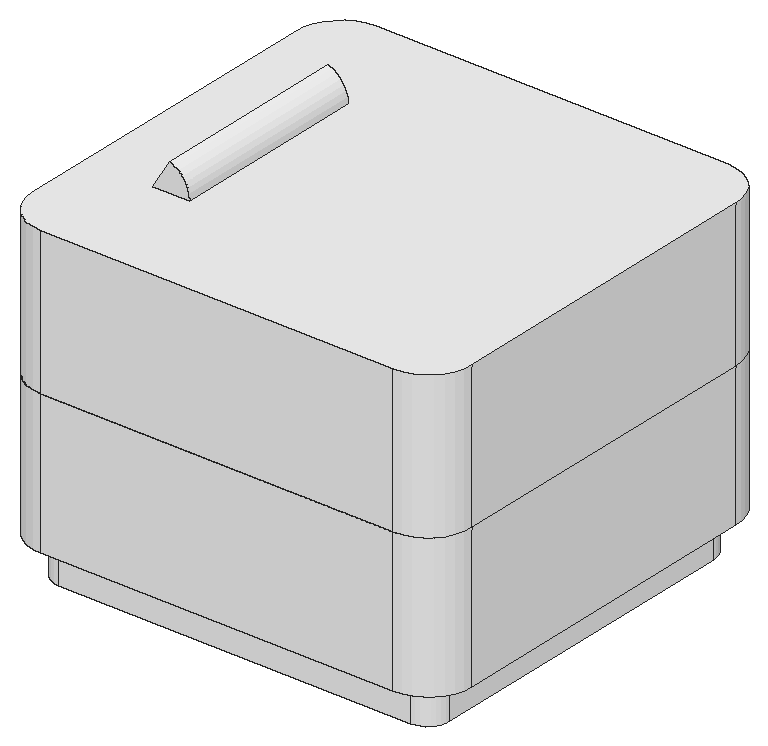
Revit family "Gira_078030", category Electrical Fixtures, host Face, Revit 2017
Family settings
  Host = Face
  Maintain Annotation Orientation = Yes
  Round Connector Dimension = Use Diameter
  Part Type = Normal
  Cut with Voids When Loaded = No
  Shared = No
  Room Calculation Point = No
Parameters (values of type "SCHUKO 2-g vert. HC WP surface-mounted grey")
  URL = "http://katalog.gira.de/en/datenblatt.html?artikelnr=078030"
  Transparent = "No"
  Name = "SCHUKO 2-g vert. HC WP surface-mounted grey"
  Model = "Protective contact (SCHUKO)"
  Manufacturer URL = "https://www.gira.de/"
  Manufacturer = "Gira"
  Keynote = ""
  HeinzeBIM = "https://bimportal.heinze.de/bim/schuko-2-g-vert-hc-wp-surface-mounted-grey/5a42c86107f789f5a6e53b7cf3f06cc24b7fa6dc"
  HAN = "078030"
  GTIN = "4010337780304"
  Description = "SCHUKO 2g vert WP SM GY,SCHUKO double socket outlet 16 A 250 V~ vertical with hinged cover,,grey,Notes :,- Instead of the SCHUKO socket outlets, switches, push buttons or light signals can also be used in the vertical combination."
  Default Elevation = 1219.2 mm
  Data sheet (1) = "https://katalog.gira.de/en/download.html?artikelnr=078030"
  Category = "Socket outlet"
  BIM (1) = "https://media.stage.bim.site/public/gira/36a6b08/IP44_Komplettgerät_Steckdose.rfa?public/gira/36a6b08/IP44_Komplettgerät_Steckdose.rfa"
  Available = "No"
Reference planes
  plane 1 "Center (Front/Back)": y = 0
  plane 2: z = 0
  plane 3 "Center (Left/Right)": x = 0
Forms (mm)
  Extrusion 1, solid, material "White", detail levels fine
    sketch origin (41, 0, 0) x (1, 0, 0) y (0, 1, 0)
      loop
        line (-9, 38) -> (-73, 38)
        arc (-73, 38) -> (-78.657, 35.657) -> (-81, 30) r 8
        line (-81, 30) -> (-81, -30)
        arc (-81, -30) -> (-78.657, -35.657) -> (-73, -38) r 8
        line (-73, -38) -> (-9, -38)
        arc (-9, -38) -> (-3.343, -35.657) -> (-1, -30) r 8
        line (-1, -30) -> (-1, 30)
        arc (-1, 30) -> (-3.343, 35.657) -> (-9, 38) r 8
    from 0 to 26
  Extrusion 2, solid, material "White", detail levels fine
    sketch origin (41, 0, 0) x (1, 0, 0) y (0, 1, 0)
      loop
        line (-9, 38) -> (-73, 38)
        arc (-73, 38) -> (-78.657, 35.657) -> (-81, 30) r 8
        line (-81, 30) -> (-81, -30)
        arc (-81, -30) -> (-78.657, -35.657) -> (-73, -38) r 8
        line (-73, -38) -> (-9, -38)
        arc (-9, -38) -> (-3.343, -35.657) -> (-1, -30) r 8
        line (-1, -30) -> (-1, 30)
        arc (-1, 30) -> (-3.343, 35.657) -> (-9, 38) r 8
    from 26 to 52.5
  Extrusion 3, solid, material "White", detail levels fine
    sketch origin (41, 0, 0) x (1, 0, 0) y (0, 0, 1)
      loop
        line (-68.7, 52.5) -> (-62.067, 52.5)
        arc (-62.067, 52.5) -> (-63.019, 55.628) -> (-65.7, 57.5) r 5
        line (-65.7, 57.5) -> (-68.7, 52.5)
    from 18 to -18
  Extrusion 4, solid, material "White", detail levels medium
    sketch origin (41, -5.734, 0) x (1, 0, 0) y (0, 1, 0)
      loop
        line (-9, 43.734) -> (-73, 43.734)
        arc (-73, 43.734) -> (-78.657, 41.391) -> (-81, 35.734) r 8
        line (-81, 35.734) -> (-81, -24.266)
        arc (-81, -24.266) -> (-78.657, -29.923) -> (-73, -32.266) r 8
        line (-73, -32.266) -> (-9, -32.266)
        arc (-9, -32.266) -> (-3.343, -29.923) -> (-1, -24.266) r 8
        line (-1, -24.266) -> (-1, 35.734)
        arc (-1, 35.734) -> (-3.343, 41.391) -> (-9, 43.734) r 8
    from 0 to 52.5
  Extrusion 5, solid, material "White", detail levels medium
    sketch origin (41, 0, 0) x (1, 0, 0) y (0, 0, 1)
      loop
        line (-68.7, 57.5) -> (-68.7, 52.5) -> (-62.067, 52.5) -> (-62.067, 57.5) -> (-68.7, 57.5)
    from -18 to 18
  Extrusion 6, solid, material "White", detail levels coarse
    sketch origin (41, 0, 0) x (1, 0, 0) y (0, 1, 0)
      loop
        line (-1, 38) -> (-81, 38) -> (-81, -38) -> (-1, -38) -> (-1, 38)
    from -7 to 57.5
  Extrusion 7, solid, material "White", detail levels medium+fine
    sketch origin (41, 0, 0) x (1, 0, 0) y (0, 1, 0)
      loop
        line (-9, 34) -> (-73, 34)
        arc (-73, 34) -> (-75.828, 32.828) -> (-77, 30) r 4
        line (-77, 30) -> (-77, -30)
        arc (-77, -30) -> (-75.828, -32.828) -> (-73, -34) r 4
        line (-73, -34) -> (-9, -34)
        arc (-9, -34) -> (-6.172, -32.828) -> (-5, -30) r 4
        line (-5, -30) -> (-5, 30)
        arc (-5, 30) -> (-6.172, 32.828) -> (-9, 34) r 4
    from 0 to -7
Dimensions and locks
  Extrusion 6 to plane 3 "Center (Left/Right)" to Extrusion 6 = 40 mm, 40 mm
  aligned and locked: plane 2 to host face
  aligned and locked: level to host face
  aligned and locked: plane 3 "Center (Left/Right)" to nested 1
  aligned and locked: plane 1 "Center (Front/Back)" to nested 1
Nested families
  nested 1: "Steckdose 1-fach Beschriftung" at (0, 0, 0), type "Steckdose 1-fach Beschriftung"
Connectors
  electrical at (0, 0, -7)
    settings: on Extrusion 7, index 1, voltage 220 V, apparent load 0 VA, apparent load phase1 0 VA, apparent load phase2 0 VA, apparent load phase3 0 VA, power factor 1, load classification "Other", number of poles 1, system type 31, power factor state 1, is connector primary yes, connector utility no, sub classification motor no, connector description ""
Definition of nested family "Steckdose 1-fach Beschriftung"
  Reference planes
    plane 1: y = 0
    plane 2: x = 0
  Lines and regions (mm)
    detail lines
      curve 1: line (0, 0, 0) -> (0, 2, 0)
      curve 3: line (0, 2, 0) -> (-1, 2, 0)
      curve 4: arc (1, 3, 0) -> (0, 2, 0) -> (-1, 3, 0) r 1
      curve 5: line (0, 2, 0) -> (1, 2, 0)
    reference lines
      curve 2: line (-0.485, 3, 0) -> (2.315, 3, 0)
  Dimensions and locks
    curve 1 to curve 1 = 2 mm
    plane 1 to curve 2 = 3 mm
    curve 3 to curve 3 = 1 mm
